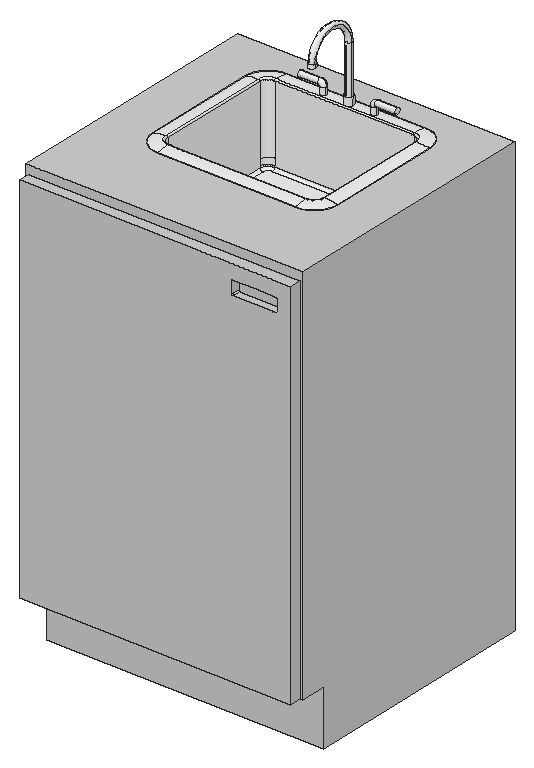
Revit family "WC36", category Specialty Equipment, Revit 2012
Parameters (values of type "Work Counter Unit w/ Sink (Default)")
  URL = "http://madixinc.com/store/pharmacy/counters.html"
  Model = "Work Counter"
  Manufacturer = "© 2012 Madix, Inc. All rights reserved."
Reference planes (in)
  plane 1 "Center (Front/Back)": y = 0
  plane 2: z = 0
  plane 3 "Center (Left/Right)": x = 0
  plane 4: x = -12
  plane 5: x = 12
  plane 6: y = 12
  plane 7: y = -12
  plane 8: z = 38
  plane 9: y = -11.875
  plane 10: x = 11.75
  plane 11: x = -11.75
  plane 12: x = -11.25
  plane 13: z = 37.25
  plane 14: x = 0
  plane 15: z = 38.75
  plane 16: z = 39
  plane 17: z = 39.5
Forms (in)
  Extrusion 1, solid, material "Metal - Steel"
    sketch origin (0, 0, 0) x (0, -1, 0) y (0, 0, -1)
      loop
        line (-12, 0) -> (-12, -38) -> (11, -38) -> (11, -4.75) -> (8.75, -4.75) -> (8.75, 0) -> (-12, 0)
    from -12 to -11.25
  Extrusion 2, solid, material "Metal - Steel"
    sketch origin (0, 0, 0) x (0, -1, 0) y (0, 0, 1)
      loop
        line (-12, 0) -> (8.75, 0) -> (8.75, 4.75) -> (11, 4.75) -> (11, 38) -> (-12, 38) -> (-12, 0)
    from -12 to -11.25
  Extrusion 3, solid, material "Metal - Steel"
    sketch origin (0, 0, 0) x (1, 0, 0) y (0, 1, 0)
      loop
        line (-11.25, 12) -> (-11.25, 11.75) -> (11.25, 11.75) -> (11.25, 12) -> (-11.25, 12)
    from 0 to 38
  Extrusion 4, solid, material "Metal - Steel"
    sketch origin (0, 0, 0) x (0, 1, 0) y (0, 0, 1)
      loop
        line (-8.75, 0) -> (11.75, 0) -> (11.75, 5.5) -> (-11, 5.5) -> (-11, 4.75) -> (-8.75, 4.75) -> (-8.75, 0)
    from -11.25 to 11.25
  Extrusion 5, solid, material "Metal - Steel"
    sketch origin (0, 0, 6.25) x (1, 0, 0) y (0, 0, 1)
      loop
        line (-11.75, 31) -> (-11.75, -1.5) -> (11.75, -1.5) -> (11.75, 31) -> (-11.75, 31)
    from 11 to 11.25
  Extrusion 6, solid, material "Metal - Steel"
    sketch origin (0, 0, 6.25) x (1, 0, 0) y (0, 0, 1)
      loop
        line (-11.75, 31) -> (-11.75, -1.5) -> (11.75, -1.5) -> (11.75, 31) -> (-11.75, 31)
      loop
        arc (6.75, 30) -> (6.66161, 29.96339) -> (6.625, 29.875) r 0.125
        line (6.625, 29.875) -> (6.625, 28.625)
        arc (6.625, 28.625) -> (6.66161, 28.53661) -> (6.75, 28.5) r 0.125
        line (6.75, 28.5) -> (10.5, 28.5)
        arc (10.5, 28.5) -> (10.58839, 28.53661) -> (10.625, 28.625) r 0.125
        line (10.625, 28.625) -> (10.625, 29.875)
        arc (10.625, 29.875) -> (10.58839, 29.96339) -> (10.5, 30) r 0.125
        line (10.5, 30) -> (6.75, 30)
    from 11.25 to 11.875
  Extrusion 7, solid, material "Metal - Steel"
    sketch origin (0, 0, 6.25) x (1, 0, 0) y (0, 0, 1)
      loop
        line (-11.75, 31) -> (-11.75, -1.5) -> (11.75, -1.5) -> (11.75, 31) -> (-11.75, 31)
      loop
        line (8.625, 29.75) -> (6.75, 29.75)
        arc (6.75, 29.75) -> (6.66161, 29.71339) -> (6.625, 29.625) r 0.125
        line (6.625, 29.625) -> (6.625, 28.625)
        arc (6.625, 28.625) -> (6.66161, 28.53661) -> (6.75, 28.5) r 0.125
        line (6.75, 28.5) -> (8.625, 28.5) -> (10.5, 28.5)
        arc (10.5, 28.5) -> (10.58839, 28.53661) -> (10.625, 28.625) r 0.125
        line (10.625, 28.625) -> (10.625, 29.625)
        arc (10.625, 29.625) -> (10.58839, 29.71339) -> (10.5, 29.75) r 0.125
        line (10.5, 29.75) -> (8.625, 29.75)
    from 11.875 to 12
  Extrusion 8, solid, material "Metal - Steel"
    sketch origin (0, 0, 0) x (1, 0, 0) y (0, 1, 0)
      loop
        line (-8, 7.75) -> (-8, -2.25)
        arc (-8, -2.25) -> (-7.41421, -3.66421) -> (-6, -4.25) r 2
        line (-6, -4.25) -> (6, -4.25)
        arc (6, -4.25) -> (7.41421, -3.66421) -> (8, -2.25) r 2
        line (8, -2.25) -> (8, 7.75)
        arc (8, 7.75) -> (7.41421, 9.16421) -> (6, 9.75) r 2
        line (6, 9.75) -> (-6, 9.75)
        arc (-6, 9.75) -> (-7.41421, 9.16421) -> (-8, 7.75) r 2
      loop
        line (-11.25, 11.75) -> (-11.25, -11) -> (11.25, -11) -> (11.25, 11.75) -> (-11.25, 11.75)
    from 31 to 38
  Sweep 9, solid, material "Metal - Steel - ASTM A572 - Grade 50"
    path in 3D
      loop
        arc (-8, 7.75, 38) -> (-7.41421, 9.16421, 38) -> (-6, 9.75, 38) r 2
        line (-6, 9.75, 38) -> (6, 9.75, 38)
        arc (6, 9.75, 38) -> (7.41421, 9.16421, 38) -> (8, 7.75, 38) r 2
        line (8, 7.75, 38) -> (8, -2.25, 38)
        arc (8, -2.25, 38) -> (7.41421, -3.66421, 38) -> (6, -4.25, 38) r 2
        line (6, -4.25, 38) -> (-6, -4.25, 38)
        arc (-6, -4.25, 38) -> (-7.41421, -3.66421, 38) -> (-8, -2.25, 38) r 2
        line (-8, -2.25, 38) -> (-8, 7.75, 38)
    profile origin (-8, 2.75, 38) x (-1, 0, 0) y (0, 0, 1)
      loop
        line (-1.25, 0) -> (-1.25, -6) -> (-1.25, -6.59157) -> (-1.25, -6.71592)
        arc (-1.25, -6.71592) -> (-1.32322, -6.8927) -> (-1.5, -6.96592) r 0.25
        line (-1.5, -6.96592) -> (-1.62169, -6.96592) -> (-1.62169, -7) -> (0, -7) -> (0, 0)
        arc (0, 0) -> (-0.55904, 0.09365) -> (-1.125, 0.125) r 5.125
        arc (-1.125, 0.125) -> (-1.21339, 0.08839) -> (-1.25, 0) r 0.125
  Extrusion 10, solid, material "Metal - Steel - ASTM A572 - Grade 50"
    sketch origin (0, 0, 0) x (1, 0, 0) y (0, 1, 0)
      loop
        circle (0, 2.75) r 1
      loop
        line (0, 8.12831) -> (-6, 8.12831)
        arc (-6, 8.12831) -> (-6.26751, 8.01751) -> (-6.37831, 7.75) r 0.37831
        line (-6.37831, 7.75) -> (-6.37831, -2.25)
        arc (-6.37831, -2.25) -> (-6.26751, -2.51751) -> (-6, -2.62831) r 0.37831
        line (-6, -2.62831) -> (0, -2.62831) -> (6, -2.62831)
        arc (6, -2.62831) -> (6.26751, -2.51751) -> (6.37831, -2.25) r 0.37831
        line (6.37831, -2.25) -> (6.37831, 7.75)
        arc (6.37831, 7.75) -> (6.26751, 8.01751) -> (6, 8.12831) r 0.37831
        line (6, 8.12831) -> (0, 8.12831)
    from 30.67145 to 31.03734
  Extrusion 11, solid, material "Metal - Steel - ASTM A572 - Grade 50"
    sketch origin (0, 0, 0) x (1, 0, 0) y (0, 1, 0)
      loop
        circle (0, 2.75) r 1
      loop
        circle (0, 2.75) r 0.875
    from 5.5 to 30.91746
  Extrusion 12, solid, material "Metal - Steel - ASTM A572 - Grade 50"
    sketch origin (0, 0, 0) x (1, 0, 0) y (0, 1, 0)
      loop
        circle (0, 9) r 0.25
      loop
        circle (0, 9) r 0.37348
    from 38 to 38.75
  Sweep 13, solid, material "Metal - Steel - ASTM A572 - Grade 50"
    path origin (0, 0, 0) x (0, 1, 0) y (0, 0, 1)
      loop
        line (9, 38) -> (9, 43)
        arc (9, 43) -> (7, 45) -> (5, 43) r 2
        line (5, 43) -> (5, 42.75)
    profile origin (0, 9, 40.5) x (0, -1, 0) y (1, 0, 0)
      loop
        circle (0, 0) r 0.25
      loop
        circle (0, 0) r 0.21197
  Extrusion 14, solid, material "Metal - Steel - ASTM A572 - Grade 50"
    sketch origin (0, -1, 0) x (1, 0, 0) y (0, 1, 0)
      loop
        circle (0, 6) r 0.25
      loop
        circle (0, 6) r 0.29597
    from 43.02318 to 42.75
  Sweep 15, solid, material "Metal - Steel - ASTM A572 - Grade 50"
    path origin (0, 0, 0) x (1, 0, 0) y (0, 0, 1)
      loop
        line (-2.21196, 38.11126) -> (-2.21196, 38.75)
        arc (-2.21196, 38.75) -> (-2.28518, 38.92678) -> (-2.46196, 39) r 0.25
        line (-2.46196, 39) -> (-4.21196, 39)
    profile origin (-2.21196, 0, 38.43063) x (-1, 0, 0) y (0, -1, 0)
      loop
        circle (0, -9) r 0.24049
  Sweep 16, solid, material "Metal - Steel - ASTM A572 - Grade 50"
    path origin (0, 0, 0) x (-1, 0, 0) y (0, 0, 1)
      loop
        line (-2.21196, 38.11126) -> (-2.21196, 38.75)
        arc (-2.21196, 38.75) -> (-2.28518, 38.92678) -> (-2.46196, 39) r 0.25
        line (-2.46196, 39) -> (-4.21196, 39)
    profile origin (2.21196, 0, 38.43063) x (-1, 0, 0) y (0, -1, 0)
      loop
        circle (0, -9) r 0.24049
Cuts and joins
  joined: Extrusion 1, Extrusion 2, Extrusion 3, Extrusion 4, Extrusion 8
  joined: Extrusion 5, Extrusion 6, Extrusion 7
  joined: Sweep 9, Extrusion 10, Extrusion 12, Sweep 13
Lines and regions (in)
  sketch lines
    curve 1: line (-8, -2.25, 38) -> (-8, 7.75, 38)
    curve 2: arc (-6, 9.75, 38) -> (-7.41421, 9.16421, 38) -> (-8, 7.75, 38) r 2
    curve 3: line (-6, 9.75, 38) -> (6, 9.75, 38)
    curve 4: arc (8, 7.75, 38) -> (7.41421, 9.16421, 38) -> (6, 9.75, 38) r 2
    curve 5: line (8, 7.75, 38) -> (8, -2.25, 38)
    curve 6: arc (6, -4.25, 38) -> (7.41421, -3.66421, 38) -> (8, -2.25, 38) r 2
    curve 7: line (6, -4.25, 38) -> (-6, -4.25, 38)
    curve 8: arc (-8, -2.25, 38) -> (-7.41421, -3.66421, 38) -> (-6, -4.25, 38) r 2
Dimensions and locks (in)
  aligned and locked: level to plane 2
